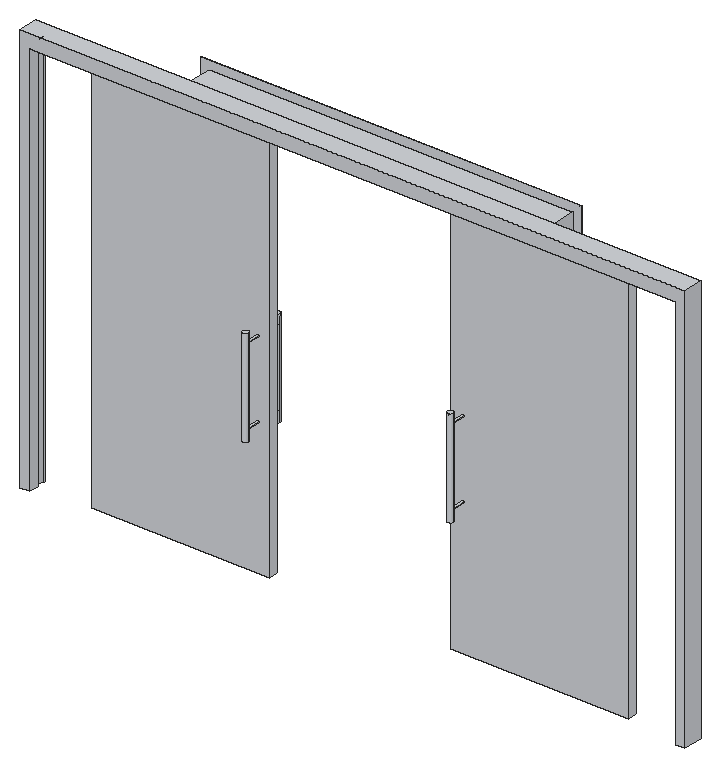
Revit family "Porta de correr com revestimento - 2 Painéis com painel", category Portas, Revit 2019
Family settings
  Hospedeiro = Parede
  Número OmniClass = 23.30.10.00
  Título OmniClass = Doors
  Sempre na vertical = Sim
  Corte com vazios quando carregada = Não
  Compartilhado = Não
  Ponto de cálculo do ambiente = Não
Parameters (values of type "920 x 2100mm")
  Visual Light Transmittance = 0
  Largura da apara = 70 mm
  Espessura da apara = 10 mm
  Solar Heat Gain Coefficient = 0
  ID do tipo de construção = ""
  Coeficiente de transferência de calor (U) = 3.7021 W/(m²·K)
  Espessura da moldura = 100 mm
  Material da apara = none
  Espessura = 45 mm
  Material deslizante = none
  Rough Width = Width  # 1880 mm
  Rough Height = Height  # 2100 mm
  Largura do painel = (Width - 40 mm) / 2  # 920 mm
  Material do painel = none
  Material do puxador = none
  Função = Interior
  Height = 2100 mm
  Fechamento da parede = Por hospedeiro
  Width = 1880 mm
  Largura da estrutura = 50 mm
  Material da moldura = none
  Largura estendida = Largura do painel - 190 mm  # 730 mm
  Construção analítica = Metal
Types (5, lengths in mm): name | Espessura da moldura | Rough Width | Largura do painel | Width | Largura estendida
  (no name) | 100 | 1880 | 920 | 1880 | 730
  620 x 2100mm | 108.355 | 1280 | 620 | 1280 | 430
  720 x 2100mm | 108.355 | 1480 | 720 | 1480 | 530
  820 x 2100mm | 108.355 | 1680 | 820 | 1680 | 630
  920 x 2100mm | 100 | 1880 | 920 | 1880 | 730
Reference planes
  plane 1 "Centro (Frente/Trás)": y = 0
  plane 2 "Centro (Esquerda/Direita)": x = 0
  plane 3 "Esquerda": x = -940
  plane 4 "Direita": x = 940
  plane 5: z = 2100
  plane 6 "Exterior": y = 75
  plane 7 "Interior": y = -75
  plane 8: z = 0
  plane 9: z = 1050
  plane 10: y = -80
  plane 11: y = -125
  plane 12: x = 920
  plane 13: z = 2150
  plane 14: x = 1670
  plane 15: x = -1670
  plane 16: x = -470
  plane 17: x = 470
  plane 18: x = 1390
  plane 19: x = -1390
  plane 20: x = -530
  plane 21: x = 530
  plane 22: z = 900
  plane 23: z = 2050
  plane 24: x = 1720
  plane 25: x = -1720
  plane 26: x = -1680
  plane 27: y = -175
  plane 28: x = 1680
  plane 29: z = 2120
  plane 30: y = -175
  plane 31: x = -890
  plane 32: x = -1077.5
  plane 33: x = -802.5
  plane 34: through (-1077.5, -300, 1050) normal (-0.5, 0, 0.866)
  plane 35: through (-1077.5, -300, 1050) normal (0.5, 0, 0.866)
  plane 36: x = 1077.5
  plane 37: x = 802.5
  plane 38: through (1077.5, -300, 1050) normal (-0.5, 0, -0.866)
  plane 39: through (1077.5, -300, 1050) normal (0.5, 0, -0.866)
Forms (mm)
  Extrusion 1, solid, material <- "Material do painel", detail levels fine
    sketch origin (0, 0, 0) x (1, 0, 0) y (0, 1, 0)
      loop
        line (470, -80) -> (470, -125) -> (1390, -125) -> (1390, -80) -> (470, -80)
    from 0 to 2050
  Extrusion 2, solid, material <- "Material do painel", detail levels medium+fine
    sketch origin (0, 0, 0) x (1, 0, 0) y (0, 1, 0)
      loop
        line (-470, -80) -> (-1390, -80) -> (-1390, -125) -> (-470, -125) -> (-470, -80)
    from 0 to 2050
  Extrusion 3, solid, material <- "Material do painel", detail levels coarse+medium
    sketch origin (0, 0, 0) x (1, 0, 0) y (0, 1, 0)
      loop
        line (-1390, -75) -> (-1390, -125) -> (-470, -125) -> (-470, -75) -> (-1390, -75)
    from 0 to 2100
  Extrusion 4, solid, material <- "Material do painel", detail levels coarse+medium
    sketch origin (0, 0, 0) x (1, 0, 0) y (0, 1, 0)
      loop
        line (470, -75) -> (470, -125) -> (1390, -125) -> (1390, -75) -> (470, -75)
    from 0 to 2100
  Extrusion 5, solid, material <- "Material da moldura", detail levels fine
    sketch origin (0, 0, 0) x (1, 0, 0) y (0, 1, 0)
      loop
        line (-1670, -75) -> (-1720, -75) -> (-1720, -175) -> (-1670, -175) -> (-1670, -125) -> (-1680, -125) -> (-1680, -80) -> (-1670, -80) -> (-1670, -75)
    from 0 to 2100
  Extrusion 6, solid, material <- "Material da moldura", detail levels fine
    sketch origin (0, 0, 0) x (-1, 0, 0) y (0, -1, 0)
      loop
        line (-1670, 75) -> (-1670, 80) -> (-1680, 80) -> (-1680, 125) -> (-1670, 125) -> (-1670, 175) -> (-1720, 175) -> (-1720, 75) -> (-1670, 75)
    from 0 to 2100
  Sweep 7, solid, material <- "Material da moldura", detail levels fine
    path origin (0, 0, 0) x (1, 0, 0) y (0, 1, 0)
      loop
        line (-1720, -80) -> (1720, -80)
    profile origin (0, -80, 0) x (0, 1, 0) y (0, 0, 1)
      loop
        line (5, 2050) -> (5, 2120) -> (-95, 2120) -> (-95, 2050) -> (-45, 2050) -> (-45, 2100) -> (0, 2100) -> (0, 2050) -> (5, 2050)
  Sweep 8, solid, material <- "Material deslizante", detail levels fine
    path origin (0, 0, 2100) x (0, -1, 0) y (1, 0, 0)
      loop
        line (80, -1680) -> (80, 1680)
    profile "Perfil_Deslizante : Perfil_Deslizante" origin (0, -80, 2100) x (0, 1, 0) y (0, 0, 1)
      loop
        line (-15.292, -40) -> (-4.5, -40) -> (-4.5, -5) -> (-39.5, -5) -> (-39.5, -40) -> (-28.708, -40)
        arc (-28.708, -40) -> (-25.998, -38.877) -> (-24.875, -36.167) r 3.833
        line (-24.875, -36.167) -> (-26.875, -36.167)
        arc (-26.875, -36.167) -> (-27.914, -37.819) -> (-29.854, -37.598) r 1.833
        arc (-29.854, -37.598) -> (-30.375, -37) -> (-30.896, -37.598) r 0.526
        arc (-30.896, -37.598) -> (-31.434, -37.897) -> (-32.042, -38) r 1.833
        line (-32.042, -38) -> (-37.5, -38) -> (-37.5, -7) -> (-6.5, -7) -> (-6.5, -38) -> (-11.958, -38)
        arc (-11.958, -38) -> (-12.566, -37.897) -> (-13.104, -37.598) r 1.833
        spline (-13.104, -37.598) -> (-13.105, -37.449) -> (-13.148, -37.306) -> (-13.229, -37.18) -> (-13.342, -37.083) -> (-13.477, -37.021) -> (-13.625, -37) -> (-13.773, -37.021) -> (-13.908, -37.083) -> (-14.021, -37.18) -> (-14.102, -37.306) -> (-14.145, -37.449) -> (-14.146, -37.598)
        arc (-14.146, -37.598) -> (-16.086, -37.819) -> (-17.125, -36.167) r 1.833
        line (-17.125, -36.167) -> (-19.125, -36.167)
        arc (-19.125, -36.167) -> (-18.002, -38.877) -> (-15.292, -40) r 3.833
      loop
        arc (-27.875, -14.083) -> (-28.708, -13.25) -> (-29.542, -14.083) r 0.833
        arc (-29.542, -14.083) -> (-30.375, -14.917) -> (-31.208, -14.083) r 0.833
        arc (-31.208, -14.083) -> (-32.042, -13.25) -> (-32.875, -14.083) r 0.833
        line (-32.875, -14.083) -> (-32.875, -36.167)
        arc (-32.875, -36.167) -> (-32.042, -37) -> (-31.208, -36.167) r 0.833
        arc (-31.208, -36.167) -> (-30.375, -35.333) -> (-29.542, -36.167) r 0.833
        arc (-29.542, -36.167) -> (-28.708, -37) -> (-27.875, -36.167) r 0.833
        line (-27.875, -36.167) -> (-27.875, -26.25) -> (-23.25, -26.25) -> (-23.25, -50) -> (-20.75, -50) -> (-20.75, -26.25) -> (-16.125, -26.25) -> (-16.125, -36.167)
        arc (-16.125, -36.167) -> (-15.292, -37) -> (-14.458, -36.167) r 0.833
        arc (-14.458, -36.167) -> (-13.625, -35.333) -> (-12.792, -36.167) r 0.833
        arc (-12.792, -36.167) -> (-11.958, -37) -> (-11.125, -36.167) r 0.833
        line (-11.125, -36.167) -> (-11.125, -14.083)
        arc (-11.125, -14.083) -> (-11.958, -13.25) -> (-12.792, -14.083) r 0.833
        arc (-12.792, -14.083) -> (-13.625, -14.917) -> (-14.458, -14.083) r 0.833
        arc (-14.458, -14.083) -> (-15.292, -13.25) -> (-16.125, -14.083) r 0.833
        line (-16.125, -14.083) -> (-16.125, -23.75) -> (-27.875, -23.75) -> (-27.875, -14.083)
  Sweep 9, solid, material <- "Material da moldura", detail levels medium+fine
    path origin (0, 75, 0) x (1, 0, 0) y (0, 0, 1)
      loop
        line (940, 0) -> (940, 2100) -> (-940, 2100) -> (-940, 0)
    profile origin (-940, 75, 1050) x (0, -1, 0) y (1, 0, 0)
      loop
        line (0, 0) -> (150, 0) -> (150, 50) -> (0, 50) -> (0, 0)
  Extrusion 10, solid, material <- "Material da moldura", detail levels medium
    sketch origin (0, 0, 0) x (1, 0, 0) y (0, 1, 0)
      loop
        line (-1720, -75) -> (-1720, -175) -> (-1670, -175) -> (-1670, -75) -> (-1720, -75)
    from 0 to 2100
  Extrusion 11, solid, material <- "Material da moldura", detail levels medium
    sketch origin (0, 0, 0) x (1, 0, 0) y (0, 1, 0)
      loop
        line (1670, -75) -> (1670, -175) -> (1720, -175) -> (1720, -75) -> (1670, -75)
    from 0 to 2100
  Extrusion 12, solid, material <- "Material da moldura", detail levels medium
    sketch origin (0, 0, 0) x (0, 1, 0) y (0, 0, 1)
      loop
        line (-75, 2120) -> (-175, 2120) -> (-175, 2050) -> (-125, 2050) -> (-125, 2100) -> (-80, 2100) -> (-80, 2050) -> (-75, 2050) -> (-75, 2120)
    from -1720 to 1720
  Sweep 13, solid, material <- "Material da apara", detail levels fine
    path origin (0, 75, 0) x (1, 0, 0) y (0, 0, 1)
      loop
        line (-940, 0) -> (-940, 2100) -> (940, 2100) -> (940, 0)
    profile "Perfil da apara : Perfil da apara" origin (940, 75, 1050) x (1, 0, 0) y (0, -1, 0)
      loop
        line (43, 0) -> (-27, 0) -> (-27, -10) -> (37, -10) -> (43, -4) -> (43, 0)
Cuts and joins
  joined: Extrusion 5, Extrusion 6, Sweep 7
  joined: Extrusion 10, Extrusion 11, Extrusion 12
Lines and regions (mm)
  Opening 1
    outline origin (-3050, -75, 0) x (1, 0, 0) y (0, 0, 1)
      loop
        line (2110, 0) -> (3990, 0) -> (3990, 2100) -> (2110, 2100) -> (2110, 0)
  symbolic lines, style "Giro da elevação", detail levels medium+fine
    curve 1: line (470, -75, 2050) -> (1390, -75, 0)
    curve 2: line (-470, -75, 2050) -> (-1390, -75, 0)
    curve 3: line (-1389.333, -75, 2050) -> (-470, -75, 0)
    curve 4: line (1390, 75, 2050) -> (470, 75, 0)
  symbolic lines, style "Giro da elevação", detail levels coarse
    curve 5: line (470, 75, 0) -> (1390, 75, 2100)
    curve 6: line (1390, 75, 0) -> (470, 75, 2100)
    curve 7: line (-470, 75, 0) -> (-1390, 75, 2100)
    curve 8: line (-470, 75, 2100) -> (-1390, 75, 0)
  symbolic lines, style "Seta"
    curve 9: line (-1077.5, -75, 1050) -> (-802.5, -75, 1050)
    curve 10: line (-1077.5, -75, 1050) -> (-999.558, -75, 1095)
    curve 11: line (-1077.5, -75, 1050) -> (-999.558, -75, 1005)
    curve 12: line (1077.5, -75, 1050) -> (802.5, -75, 1050)
    curve 13: line (1077.5, -75, 1050) -> (999.558, -75, 1095)
    curve 14: line (1077.5, -75, 1050) -> (999.558, -75, 1005)
Text (mm)
  text "Externo" at (-2295.016, 1099.543, 0), in view "Nível de referência"
  text "Externo" at (0, 1615.38, 3698.081), in view "Esquerda"
  text "Externo" at (0, 1036.032, 3874.932), in view "Direita"
Dimensions and locks
  equal spacing: plane 3 "Esquerda", plane 2 "Centro (Esquerda/Direita)", plane 4 "Direita"
  "Width": plane 3 "Esquerda" to plane 4 "Direita"
  "Height": plane 5 to host wall
  host wall to plane 5 = 2100 mm  (x2)
  locked: plane 6 "Exterior" to host wall at 0
  locked: plane 7 "Interior" to host wall
  equal spacing: level, plane 9, plane 5
  locked: plane 7 "Interior" to plane 10 at 5
  "Espessura": plane 10 to plane 11
  locked: plane 13 to plane 5 at 50
  "Largura estendida": plane 4 "Direita" to plane 14
  "Largura estendida": plane 15 to plane 3 "Esquerda"
  equal spacing: plane 3 "Esquerda", plane 16, plane 2 "Centro (Esquerda/Direita)"
  equal spacing: plane 2 "Centro (Esquerda/Direita)", plane 17, plane 4 "Direita"
  "Largura do painel": plane 17 to plane 18
  "Largura do painel": plane 19 to plane 16
  locked: plane 20 to plane 16 at 60
  locked: plane 17 to plane 21 at 60
  locked: plane 8 to plane 22 at 900
  locked: plane 23 to plane 5 at 50
  locked: plane 24 to plane 14 at 50
  locked: plane 15 to plane 25 at 50
  level to host wall = 4000 mm
  locked: plane 26 to plane 15 at 10
  locked: plane 14 to plane 28 at 10
  "Espessura da moldura": host wall to plane 30
  "Espessura da moldura": plane 27 to plane 7 "Interior"
  locked: plane 29 to plane 5 at 20
  "Largura da estrutura": plane 3 "Esquerda" to plane 31
  locked: plane 32 to plane 33 at 275
  equal spacing: plane 32, plane 3 "Esquerda", plane 33
  locked: curve 10 to curve 10 at 90
  locked: curve 11 to curve 11 at 90
  locked: plane 36 to plane 37 at 275
  equal spacing: plane 36, plane 4 "Direita", plane 37
  locked: curve 13 to curve 13 at 90
  locked: curve 14 to curve 14 at 90
  locked: plane 9 to plane 34 (angle 30.00°)
  locked: plane 35 to plane 9 (angle 30.00°)
  locked: plane 38 to plane 9 (angle 30.00°)
  locked: plane 9 to plane 39 (angle 30.00°)
  aligned and locked: plane 3 "Esquerda" to Opening 1 sketch curve
  aligned and locked: plane 5 to Opening 1 sketch curve  (x2)
  aligned and locked: Opening 1 sketch curve to plane 4 "Direita"
  aligned and locked: Opening 1 sketch curve to level
  aligned and locked: host wall to plane 1 "Centro (Frente/Trás)"
  aligned and locked: level to plane 8
  aligned and locked: plane 18 to Extrusion 1
  aligned and locked: Extrusion 1 to plane 17
  aligned and locked: level to curve 1
  aligned and locked: plane 18 to curve 1
  aligned and locked: plane 17 to curve 1
  aligned and locked: plane 16 to Extrusion 2  (x2)
  aligned and locked: plane 10 to Extrusion 2
  aligned and locked: Extrusion 2 to plane 11
  aligned and locked: Extrusion 2 to plane 19
  aligned and locked: level to curve 2
  aligned and locked: plane 19 to curve 2
  aligned and locked: level to curve 3
  aligned and locked: plane 16 to curve 3
  aligned and locked: plane 16 to curve 2
  aligned and locked: plane 20 to nested 1
  aligned and locked: plane 11 to nested 1
  aligned and locked: plane 21 to nested 2
  aligned and locked: plane 22 to nested 2
  aligned and locked: plane 22 to nested 1
  aligned and locked: plane 11 to nested 2
  aligned and locked: nested 1 to plane 11
  aligned and locked: Extrusion 2 to plane 23
  aligned and locked: Extrusion 1 to plane 23
  aligned and locked: plane 23 to curve 1
  aligned and locked: plane 17 to Extrusion 1
  aligned and locked: plane 18 to curve 4
  aligned and locked: plane 23 to curve 4
  aligned and locked: plane 17 to curve 4
  aligned and locked: plane 8 to curve 4
  aligned and locked: plane 23 to curve 3
  aligned and locked: plane 23 to curve 2
  aligned and locked: plane 7 "Interior" to Extrusion 3 sketch curve
  aligned and locked: plane 11 to Extrusion 3 sketch curve
  aligned and locked: Extrusion 3 sketch curve to plane 16
  aligned and locked: plane 19 to Extrusion 3 sketch curve
  aligned and locked: plane 7 "Interior" to Extrusion 4 sketch curve
  aligned and locked: plane 17 to Extrusion 4 sketch curve
  aligned and locked: Extrusion 4 sketch curve to plane 18
  aligned and locked: plane 11 to Extrusion 4 sketch curve
  aligned and locked: Extrusion 4 to plane 5
  aligned and locked: Extrusion 3 to plane 5
  aligned and locked: Extrusion 4 to plane 8
  aligned and locked: Extrusion 3 to plane 8
  aligned and locked: plane 18 to curve 5
  aligned and locked: plane 5 to curve 5
  aligned and locked: plane 17 to curve 6
  aligned and locked: plane 5 to curve 6
  aligned and locked: plane 18 to Extrusion 4
  aligned and locked: plane 8 to Extrusion 4
  aligned and locked: plane 17 to Extrusion 4
  aligned and locked: plane 16 to curve 8
  aligned and locked: plane 5 to curve 8
  aligned and locked: plane 19 to curve 7
  aligned and locked: plane 5 to curve 7
  aligned and locked: plane 19 to Extrusion 3
  aligned and locked: plane 8 to curve 8
  aligned and locked: plane 16 to curve 7
  aligned and locked: plane 8 to curve 7
  aligned and locked: Extrusion 5 sketch curve to plane 7 "Interior"
  aligned and locked: Extrusion 5 sketch curve to plane 25
  aligned and locked: Extrusion 5 sketch curve to plane 27
  aligned and locked: Extrusion 5 sketch curve to Extrusion 3
  aligned and locked: Extrusion 5 sketch curve to plane 26
  aligned and locked: Extrusion 5 sketch curve to plane 15  (x2)
  aligned and locked: Extrusion 5 sketch curve to plane 10
  aligned and locked: Extrusion 5 to plane 5
  aligned and locked: plane 7 "Interior" to Extrusion 6
  aligned and locked: Extrusion 6 to plane 14  (x2)
  aligned and locked: plane 24 to Extrusion 6
  aligned and locked: Extrusion 6 to plane 10
  aligned and locked: plane 11 to Extrusion 6
  aligned and locked: plane 28 to Extrusion 6
  aligned and locked: Extrusion 6 to plane 5
  aligned and locked: Sweep 7 sketch curve to plane 30
  aligned and locked: Sweep 7 sketch curve to plane 11
  aligned and locked: Sweep 8 sketch curve to plane 10
  aligned and locked: plane 28 to Sweep 8 sketch curve
  aligned and locked: plane 26 to Sweep 8 sketch curve
  aligned and locked: plane 23 to cut or joined group of Extrusion 5, Extrusion 6, Sweep 7
  aligned and locked: plane 23 to Sweep 8  (x2)
  aligned and locked: plane 5 to Extrusion 3
  aligned and locked: plane 29 to cut or joined group of Extrusion 5, Extrusion 6, Sweep 7
  aligned and locked: Extrusion 6 sketch curve to plane 14
  aligned and locked: Extrusion 6 sketch curve to plane 24
  aligned and locked: Extrusion 6 sketch curve to plane 28
  aligned and locked: plane 23 to Extrusion 2
  aligned and locked: plane 3 "Esquerda" to Sweep 9 sketch curve
  aligned and locked: plane 4 "Direita" to Sweep 9 sketch curve
  aligned and locked: Sweep 9 sketch curve to plane 5
  aligned and locked: plane 6 "Exterior" to Sweep 9 sketch curve
  aligned and locked: Sweep 9 sketch curve to plane 3 "Esquerda"
  aligned and locked: Sweep 9 sketch curve to plane 7 "Interior"
  aligned and locked: plane 31 to Sweep 9 sketch curve
  aligned and locked: curve 9 to plane 9
  aligned and locked: curve 11 to plane 35
  aligned and locked: plane 9 to curve 12
  aligned and locked: curve 14 to plane 39
  aligned and locked: plane 7 "Interior" to Extrusion 10 sketch curve
  aligned and locked: plane 25 to Extrusion 10 sketch curve
  aligned and locked: plane 27 to Extrusion 10 sketch curve
  aligned and locked: Extrusion 10 sketch curve to plane 15
  aligned and locked: plane 7 "Interior" to Extrusion 11 sketch curve
  aligned and locked: Extrusion 11 sketch curve to plane 24
  aligned and locked: plane 14 to Extrusion 11 sketch curve
  aligned and locked: plane 27 to Extrusion 11 sketch curve
  aligned and locked: Extrusion 10 to plane 5
  aligned and locked: Extrusion 11 to plane 5
  aligned and locked: Extrusion 11 to plane 8
  aligned and locked: Extrusion 10 to plane 8
  aligned and locked: host wall to Extrusion 12 sketch curve
  aligned and locked: plane 29 to Extrusion 12 sketch curve
  aligned and locked: plane 30 to Extrusion 12 sketch curve
  aligned and locked: plane 23 to Extrusion 12 sketch curve
  aligned and locked: plane 5 to Extrusion 12 sketch curve
  aligned and locked: plane 10 to Extrusion 12 sketch curve
  aligned and locked: plane 11 to Extrusion 12 sketch curve
  aligned and locked: Extrusion 12 to plane 25
  aligned and locked: plane 24 to Extrusion 12
  aligned and locked: nested 3 to Sweep 8  (x2)
  aligned and locked: plane 4 "Direita" to Sweep 13 sketch curve
  aligned and locked: plane 5 to Sweep 13 sketch curve
  aligned and locked: plane 3 "Esquerda" to Sweep 13 sketch curve
Automatic sketch dimensions
  curve 8 to plane 19 = 0 mm
  curve 6 to level = 0 mm
  curve 6 to plane 18 = 0 mm
  Extrusion 1 sketch curve to plane 11 = 0 mm
  Extrusion 1 sketch curve to plane 17 = 0 mm
  Extrusion 1 sketch curve to plane 18 = 0 mm
  Extrusion 1 sketch curve to plane 10 = 0 mm
  plane 34 to curve 10 = 0 mm
  curve 9 to plane 33 = 0 mm
  plane 37 to curve 12 = 0 mm
  curve 13 to plane 38 = 0 mm
  plane 19 to curve 3 = 0.667 mm
  Extrusion 2 sketch curve to plane 10 = 0 mm
  Extrusion 2 sketch curve to plane 19 = 0 mm
  Extrusion 2 sketch curve to plane 11 = 0 mm
  Extrusion 2 sketch curve to plane 16 = 0 mm
  host wall to Extrusion 6 sketch curve = 0 mm
  Extrusion 6 sketch curve to plane 14 = 0 mm
  Extrusion 6 sketch curve to plane 27 = 0 mm
  Extrusion 6 sketch curve to plane 11 = 0 mm
  Extrusion 6 sketch curve to plane 10 = 0 mm
  Sweep 7 sketch curve to plane 10 = 0 mm
  Sweep 7 sketch curve to plane 25 = 0 mm
  Sweep 7 sketch curve to plane 24 = 0 mm
  Sweep 7 sketch curve to profile plane = 0 mm
  Sweep 7 sketch curve to profile plane = 5 mm
  level to Sweep 7 sketch curve = 2050 mm
  Sweep 7 sketch curve to Sweep 7 sketch curve = 0 mm
  Sweep 7 sketch curve to Sweep 7 sketch curve = 50 mm
  Sweep 7 sketch curve to Sweep 7 sketch curve = 20 mm
  Sweep 9 sketch curve to level = 0 mm  (x2)
  Extrusion 12 sketch curve to plane 23 = 0 mm
  Sweep 13 sketch curve to level = 0 mm  (x2)
Nested families
  nested 1: "Maçaneta da porta 4" at (-530, -102.5, 900), type "Altura 500 mm", detail levels fine
  nested 2: "Maçaneta da porta 4" at (530, -102.5, 900), type "Altura 500 mm", detail levels fine
  nested 3: "Deslizante_H" at (1560, -102, 2095), type "Deslizante_H", detail levels medium
Definition of nested family "Maçaneta da porta 4"
  Parameters
    Espessura do painel = 45 mm
    Material do puxador = none
    Raio do puxador = 15 mm
    Altura do puxador = 500 mm
    Profundidade do puxador = 80 mm
    Raio do conector = 5 mm
    Altura do conector = Altura do puxador - 100 mm  # 400 mm
    Assembly Code = ""
  Reference planes
    plane 1 "Centro (Frente/Trás)": y = 0
    plane 2: z = 0
    plane 3 "Centro (Esquerda/Direita)": x = 0
    plane 4: z = 250
    plane 5: y = -102.5
    plane 6: z = -250
    plane 7: z = 200
    plane 8: z = -200
    plane 9: y = -22.5
    plane 10: y = 22.5
    plane 11: y = 102.5
  Forms (mm)
    Extrusion 1, solid, material <- "Material do puxador"
      sketch origin (0, -30.569, 0) x (1, 0, 0) y (0, 1, 0)
        loop
          circle (0, -71.931) r 15
      from -250 to 250
    Extrusion 2, solid, material <- "Material do puxador"
      sketch origin (0, 0, 0) x (1, 0, 0) y (0, 0, 1)
        loop
          circle (0, 200) r 5
        loop
          circle (0, -200) r 5
      from 22.5 to 102.5
    Extrusion 3, solid, material <- "Material do puxador"
      sketch origin (0, 0, 0) x (1, 0, 0) y (0, 0, -1)
        loop
          circle (0, -200) r 5
        loop
          circle (0, 200) r 5
      from 22.5 to 102.5
    Extrusion 4, solid, material <- "Material do puxador"
      sketch origin (0, 30.569, 0) x (1, 0, 0) y (0, 1, 0)
        loop
          circle (0, 71.931) r 15
      from -250 to 250
  Dimensions and locks
    equal spacing: plane 4, plane 2, plane 6
    "Altura do puxador": plane 4 to plane 6
    equal spacing: plane 7, plane 2, plane 8
    "Altura do conector": plane 7 to plane 8
    equal spacing: plane 9, plane 1 "Centro (Frente/Trás)", plane 10
    "Profundidade do puxador": plane 9 to plane 5
    "Profundidade do puxador": plane 10 to plane 11
    "Espessura do painel": plane 9 to plane 10
    "Raio do puxador": radius of Extrusion 1 sketch curve
    "Raio do conector": radius of Extrusion 2 sketch curve  (x2)
    "Raio do conector": radius of Extrusion 3 sketch curve  (x2)
    "Raio do puxador": radius of Extrusion 4 sketch curve
    aligned and locked: plane 6 to Extrusion 1
    aligned and locked: plane 4 to Extrusion 1
    aligned: Extrusion 2 to plane 5
    aligned and locked: Extrusion 2 to plane 5  (x2)
    aligned and locked: plane 9 to Extrusion 2
    aligned and locked: plane 5 to Extrusion 1 sketch curve
    aligned and locked: plane 3 "Centro (Esquerda/Direita)" to Extrusion 1 sketch curve
    aligned and locked: Extrusion 2 to plane 9  (x2)
    aligned and locked: plane 10 to Extrusion 3
    aligned and locked: Extrusion 3 to plane 11
    aligned and locked: plane 11 to Extrusion 4 sketch curve
    aligned and locked: plane 3 "Centro (Esquerda/Direita)" to Extrusion 4 sketch curve
    aligned and locked: plane 4 to Extrusion 4
    aligned and locked: plane 6 to Extrusion 4
  Automatic sketch dimensions
    Extrusion 2 sketch curve to plane 3 "Centro (Esquerda/Direita)" = 0 mm  (x2)
    Extrusion 2 sketch curve to plane 8 = 0 mm
    Extrusion 2 sketch curve to plane 7 = 0 mm
    Extrusion 3 sketch curve to plane 3 "Centro (Esquerda/Direita)" = 0 mm  (x2)
    Extrusion 3 sketch curve to plane 7 = 0 mm
    Extrusion 3 sketch curve to plane 8 = 0 mm
Definition of nested family "Deslizante_H"
  Reference planes
    plane 1 "Centro (Frente/Trás)": y = 0
    plane 2: z = 0
    plane 3 "Centro (Esquerda/Direita)": x = 0
  Lines and regions (mm)
    symbolic lines
      curve 1: line (0, -17.5, 0) -> (0, 17.5, 0)
      curve 2: line (0, 17.5, 0) -> (0, 17.5, -35)
      curve 3: line (0, 17.5, -35) -> (0, 1.25, -35)
      curve 4: line (0, -17.5, -35) -> (0, -17.5, 0)
      curve 5: line (0, -1.25, -35) -> (0, -17.5, -35)
      curve 6: line (0, -1.25, -35) -> (0, -1.25, -45)
      curve 7: line (0, 1.25, -45) -> (0, 1.25, -25)
      curve 8: line (0, -1.25, -35) -> (0, -1.25, -25)
      curve 9: line (0, -1.25, -25) -> (0, 1.25, -25)
      curve 10: line (0, 1.25, -45) -> (0, -1.25, -45)
  Dimensions and locks
    aligned and locked: level to plane 2
